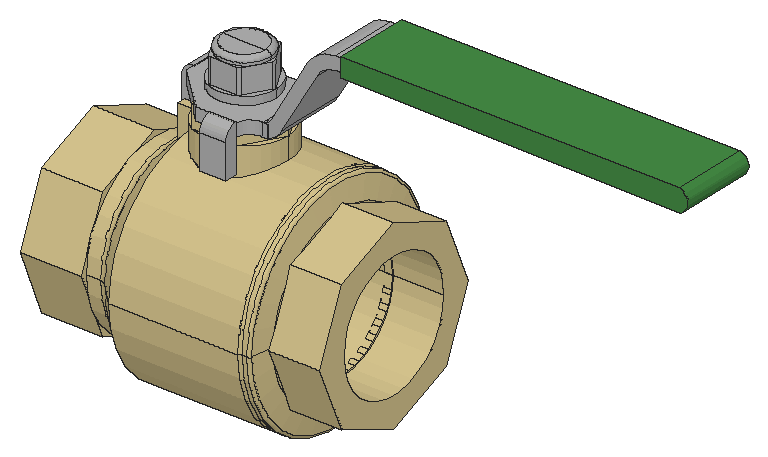
Revit family "QA02270000", category Apparecchi idraulici, Revit 2016
Family settings
  Tipo di parte = Normale
  Quota connettore circolare = Usa diametro
  Numero OmniClass = 23.45.00.00
  Titolo OmniClass = Sanitary, Laundry, and Cleaning Equipment
  Basato su piano di lavoro = No
  Sempre verticale = Sì
  Taglio con vuoti quando caricato = No
  Condiviso = No
  Punto di calcolo locali = No
Parameters
  URL = "https://web.cimberio.it/index.php/figura/1394?subcategoria_id=102"
  Produttore = "CIMBERIO SPA"
  Modello = "Cim 17CRNL"
  DN Model [instance] = QA02271040 : QA02271040
  DN [instance] = 40 mm
Reference planes
  plane 1 "Centro (Fronte/Retro)": y = 0
  plane 2: z = 0
  plane 3 "Centro (Sinistra/Destra)": x = 0
Dimensions and locks
  aligned and locked: level to plane 2
Nested families
  nested 1: "QA02271040" at (0, 0, 0), type <- "DN Model", type "QA02271040"
  nested 2: "QA02271040" at (0, 0, 0), type <- "DN Model", type "QA02271040"
  nested 3: "QA02271040" at (0, 0, 0), type <- "DN Model", type "QA02271040"
  nested 4: "QA02271040" at (0, 0, 0), type <- "DN Model", type "QA02271040"
  nested 5: "QA02271040" at (0, 0, 0), type <- "DN Model", type "QA02271040"
  nested 6: "QA02271040" at (0, 0, 0), type <- "DN Model", type "QA02271040"
Connectors
  piping at (47.297, 0, 0), diameter 40, driven by "DN"
    settings: on nested 1, index 1, connector inside diameter 609.6 mm, connector length 0 mm, flow factor 0, pipe flow 0.0 L/s, pressure drop 0.0 Pa, fitting loss kfactor 0, connector angle 0.00°, fixture units 0, engagement length 0 mm, angle of deflection 0.00°, flow configuration 0, flow direction 0, fitting loss method 0, system type 7, joint type 0, gender type 0, connector reference index -1, connector utility 0, adjustable connector no, is connector primary yes, connector description ""
  piping at (-47.953, 0, 0), diameter 40, driven by "DN"
    settings: on nested 1, index 2, connector inside diameter 609.6 mm, connector length 0 mm, flow factor 0, pipe flow 0.0 L/s, pressure drop 0.0 Pa, fitting loss kfactor 0, connector angle 0.00°, fixture units 0, engagement length 0 mm, angle of deflection 0.00°, flow configuration 0, flow direction 0, fitting loss method 0, system type 7, joint type 0, gender type 0, connector reference index -1, connector utility 0, adjustable connector no, is connector primary no, connector description ""
Definition of nested family "QA02271040"
  Reference planes
    plane 1 "Centro (Fronte/Retro)": y = 0
    plane 2: z = 0
    plane 3 "Centro (Sinistra/Destra)": x = 0
  Forms (mm)
    Revolve 1, solid
      sketch origin (0, 0, 0) x (1, 0, 0) y (0, 1, 0)
        loop
          line (-28.506, 20) -> (30.971, 20) -> (30.971, 27.5) -> (29.75, 34.424)
          arc (29.75, 34.424) -> (29.408, 35.016) -> (28.765, 35.25) r 1
          line (28.765, 35.25) -> (27.157, 35.25) -> (26.224, 35.5) -> (-14.7, 35.5) -> (-21.821, 28.379)
          arc (-21.821, 28.379) -> (-22.795, 27.728) -> (-23.943, 27.5) r 3
          line (-23.943, 27.5) -> (-28.506, 27.5) -> (-28.506, 20)
        axis (-28.506, 0) -> (30.971, 0)
      angle from 0 to 360
    Revolve 2, solid
      sketch origin (0, 0, -10.41) x (1, 0, 0) y (0, 0, 1)
        loop
          line (0, 52.8) -> (0, 31.443) -> (12.855, 31.443) -> (12.951, 42.5)
          arc (12.951, 42.5) -> (13.658, 42.793) -> (13.951, 43.5) r 1
          line (13.951, 43.5) -> (13.951, 52.8) -> (0, 52.8)
        axis (0, 52.8) -> (0, 31.443)
      angle from 0 to 360
    Extrusion 3, solid
      sketch origin (0, 0, 18.14) x (1, 0, 0) y (0, 1, 0)
        loop
          line (7, -12.124) -> (14, 0) -> (7, 12.124) -> (-7, 12.124) -> (-14, 0) -> (-7, -12.124) -> (7, -12.124)
      from 24.25 to 31.25
    Revolve 4, solid
      sketch origin (0, 0, -10.41) x (1, 0, 0) y (0, 0, 1)
        loop
          line (0, 64.7) -> (0, 62.205) -> (9.994, 62.205) -> (10.052, 64.7) -> (0, 64.7)
        axis (0, 64.7) -> (0, 62.205)
      angle from 0 to 360
    Extrusion 5, solid
      sketch origin (0, 0, 18.14) x (1, 0, 0) y (0, 1, 0)
        loop
          line (-16.049, 10) -> (-16.049, -2.851) -> (-2.9, -16) -> (10.101, -16)
          arc (10.101, -16) -> (11.838, -13.127) -> (15, -12) r 5
          line (15, -12) -> (17, -12) -> (17, 10) -> (-16.049, 10)
      from 29.66 to 33.66
    Extrusion 6, solid
      sketch origin (0, 0, -10.41) x (1, 0, 0) y (0, 0, 1)
        loop
          line (-19.049, 51.8) -> (-19.049, 29.508) -> (-10.553, 29.508) -> (-10.553, 51.8) -> (-19.049, 51.8)
      from 0 to 2.9
    Extrusion 7, solid
      sketch origin (0, 0, -12.91) x (1, 0, 0) y (0, 0, 1)
        loop
          arc (-16.049, 64.7) -> (-18.878, 63.528) -> (-20.049, 60.7) r 4
          line (-20.049, 60.7) -> (-20.049, 47.269) -> (-16.049, 47.269) -> (-16.049, 64.7)
      from -10 to 0
    Extrusion 8, solid
      sketch origin (-11, 0, -13.066) x (0, 0, 1) y (0, 1, 0)
        loop
          line (64.861, -16) -> (49.849, -16) -> (49.849, -19.951) -> (60.7, -19.951)
          arc (60.7, -19.951) -> (63.569, -18.806) -> (64.861, -16) r 4.166
      from -21 to -12.7
    Extrusion 9, solid
      sketch origin (-0.001, 0, 18.14) x (0.974349, -0.225043, 0) y (0.225043, 0.974349, 0)
        loop
          line (2.187, 9.128) -> (-5.943, 7.251)
          arc (-5.943, 7.251) -> (-6.49, 6.96) -> (-6.819, 6.434) r 1.199
          line (-6.819, 6.434) -> (-9.254, -1.531)
          arc (-9.254, -1.531) -> (-9.276, -2.141) -> (-8.989, -2.681) r 1.179
          line (-8.989, -2.681) -> (-3.321, -8.759)
          arc (-3.321, -8.759) -> (-2.781, -9.096) -> (-2.144, -9.118) r 1.231
          line (-2.144, -9.118) -> (5.947, -7.25)
          arc (5.947, -7.25) -> (6.491, -6.961) -> (6.818, -6.439) r 1.19
          line (6.818, -6.439) -> (9.251, 1.52)
          arc (9.251, 1.52) -> (9.273, 2.141) -> (8.981, 2.689) r 1.2
          line (8.981, 2.689) -> (3.292, 8.79)
          arc (3.292, 8.79) -> (2.784, 9.107) -> (2.187, 9.128) r 1.155
      from 36.15 to 43.85
    Revolve 10, solid
      sketch origin (0, 0, -10.41) x (1, 0, 0) y (0, 0, 1)
        loop
          line (0, 74.7) -> (0, 72.4) -> (8.201, 72.4) -> (8.201, 73.2)
          arc (8.201, 73.2) -> (7.761, 74.261) -> (6.701, 74.7) r 1.5
          line (6.701, 74.7) -> (0, 74.7)
        axis (0, 74.7) -> (0, 72.4)
      angle from 0 to 360
    Extrusion 11, solid
      sketch origin (0, 0, 0.215) x (1, 0, 0) y (0, 0, 1)
        loop
          line (40.963, 79.722) -> (40.963, 73.678) -> (148.444, 73.209)
          arc (148.444, 73.209) -> (151.093, 76.7) -> (148.444, 80.191) r 3.625
          line (148.444, 80.191) -> (40.963, 79.722)
      from -11 to 13
    Extrusion 12, solid
      sketch origin (0, 0, 0) x (1, 0, 0) y (0, 0, 1)
        loop
          arc (18.012, 53.553) -> (16.74, 52.275) -> (15, 51.8) r 3.5
          line (15, 51.8) -> (15, 47.8)
          arc (15, 47.8) -> (18.74, 48.811) -> (21.476, 51.553) r 7.5
          line (21.476, 51.553) -> (33.166, 71.8)
          arc (33.166, 71.8) -> (35.363, 73.997) -> (38.364, 74.8) r 6
          line (38.364, 74.8) -> (40.963, 74.8) -> (40.963, 78.8) -> (38.362, 78.8)
          arc (38.362, 78.8) -> (33.36, 77.459) -> (29.699, 73.795) r 10
          line (29.699, 73.795) -> (18.012, 53.553)
      from -10 to 12
    Extrusion 13, solid
      sketch origin (-11, 0, 0) x (0, 0, 1) y (0, 1, 0)
        loop
          circle (0, 0) r 20
        loop
          line (29.2, 0) -> (20.648, 20.648) -> (0, 29.2) -> (-20.648, 20.648) -> (-29.2, 0) -> (-20.648, -20.648) -> (0, -29.2) -> (20.648, -20.648) -> (29.2, 0)
      from 17.506 to 36.953
    Extrusion 14, solid
      sketch origin (11, 0, 0) x (0, 0, 1) y (0, -1, 0)
        loop
          circle (0, 0) r 20
        loop
          line (29.2, 0) -> (20.648, 20.648) -> (0, 29.2) -> (-20.648, 20.648) -> (-29.2, 0) -> (-20.648, -20.648) -> (0, -29.2) -> (20.648, -20.648) -> (29.2, 0)
      from 17.506 to 36.297
  Cuts and joins
    joined: Revolve 1, Revolve 2, Extrusion 6
  Dimensions and locks
    aligned and locked: level to plane 2
